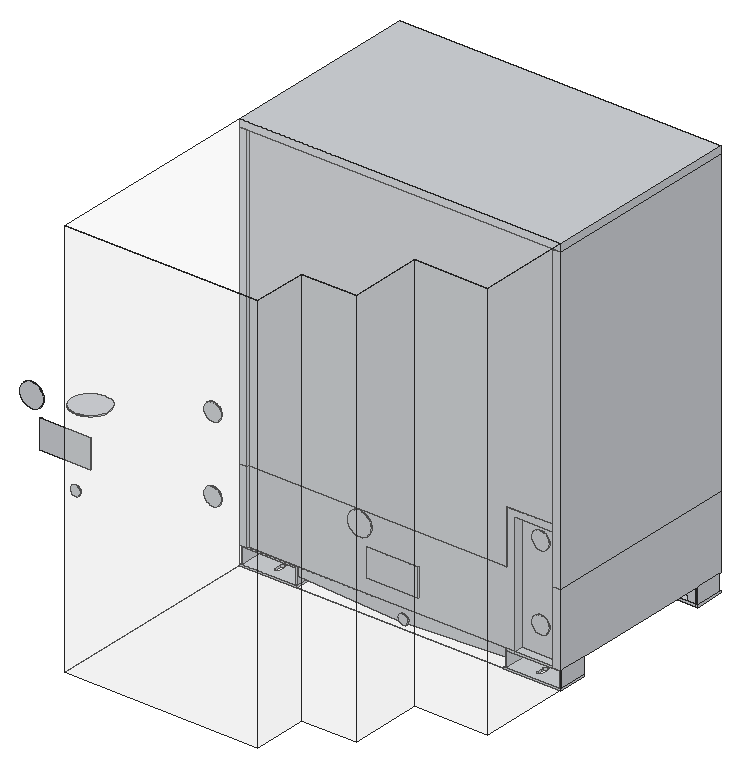
Revit family "pqry-p224_1000(s)dmg9_50Hz", category 機械設備, Revit 2019 (continued)
Definition of nested family "outline_w"
  Lines and regions (mm)
    model lines, not visible, detail levels fine
      curve 13: line (460, -150.779, 1289.179) -> (460, -95.75, 1289.179)
      curve 14: line (460, -150.779, 1056.056) -> (460, -150.779, 1289.179)
      curve 15: line (460, -95.75, 1056.056) -> (460, -150.779, 1056.056)
      curve 16: line (460, -95.75, 1289.179) -> (460, -95.75, 1056.056)
      curve 17: line (460, -150.779, 1283.175) -> (460, -132.596, 1283.175)
      curve 18: line (460, -150.779, 1062.059) -> (460, -150.779, 1283.175)
      curve 19: line (460, -132.596, 1062.059) -> (460, -150.779, 1062.059)
      curve 20: line (460, -132.596, 1283.175) -> (460, -132.596, 1062.059)
      curve 21: line (460, 178.667, 1046.051) -> (460, 297.73, 1046.051)
      curve 22: line (460, 178.667, 812.928) -> (460, 178.667, 1046.051)
      curve 23: line (460, 297.73, 812.928) -> (460, 178.667, 812.928)
      curve 24: line (460, 297.73, 1046.051) -> (460, 297.73, 812.928)
      curve 25: line (460, 47.598, 1046.051) -> (460, 166.661, 1046.051)
      curve 26: line (460, 47.598, 812.928) -> (460, 47.598, 1046.051)
      curve 27: line (460, 166.661, 812.928) -> (460, 47.598, 812.928)
      curve 28: line (460, 166.661, 1046.051) -> (460, 166.661, 812.928)
      curve 29: line (460, -83.471, 1046.051) -> (460, 35.592, 1046.051)
      curve 30: line (460, -83.471, 812.928) -> (460, -83.471, 1046.051)
      curve 31: line (460, 35.592, 812.928) -> (460, -83.471, 812.928)
      curve 32: line (460, 35.592, 1046.051) -> (460, 35.592, 812.928)
      curve 33: line (460, -150.779, 1046.051) -> (460, -95.75, 1046.051)
      curve 34: line (460, -150.779, 812.928) -> (460, -150.779, 1046.051)
      curve 35: line (460, -95.75, 812.928) -> (460, -150.779, 812.928)
      curve 36: line (460, -95.75, 1046.051) -> (460, -95.75, 812.928)
      curve 37: line (460, -150.779, 1040.048) -> (460, -132.596, 1040.048)
      curve 38: line (460, -150.779, 818.931) -> (460, -150.779, 1040.048)
      curve 39: line (460, -132.596, 818.931) -> (460, -150.779, 818.931)
      curve 40: line (460, -132.596, 1040.048) -> (460, -132.596, 818.931)
      curve 41: line (460, 178.667, 802.923) -> (460, 297.73, 802.923)
      curve 42: line (460, 178.667, 569.8) -> (460, 178.667, 802.923)
      curve 43: line (460, 297.73, 569.8) -> (460, 178.667, 569.8)
      curve 44: line (460, 297.73, 802.923) -> (460, 297.73, 569.8)
      curve 45: line (460, 47.598, 802.923) -> (460, 166.661, 802.923)
      curve 46: line (460, 47.598, 569.8) -> (460, 47.598, 802.923)
      curve 47: line (460, 166.661, 569.8) -> (460, 47.598, 569.8)
      curve 48: line (460, 166.661, 802.923) -> (460, 166.661, 569.8)
      curve 49: line (460, -83.471, 802.923) -> (460, 35.592, 802.923)
      curve 50: line (460, -83.471, 569.8) -> (460, -83.471, 802.923)
      curve 51: line (460, 35.592, 569.8) -> (460, -83.471, 569.8)
      curve 52: line (460, 35.592, 802.923) -> (460, 35.592, 569.8)
      curve 53: line (460, -150.779, 802.923) -> (460, -95.75, 802.923)
      curve 54: line (460, -150.779, 569.8) -> (460, -150.779, 802.923)
      curve 55: line (460, -95.75, 569.8) -> (460, -150.779, 569.8)
      curve 56: line (460, -95.75, 802.923) -> (460, -95.75, 569.8)
      curve 57: line (460, -150.779, 796.92) -> (460, -132.596, 796.92)
      curve 58: line (460, -150.779, 575.803) -> (460, -150.779, 796.92)
      curve 59: line (460, -132.596, 575.803) -> (460, -150.779, 575.803)
      curve 60: line (460, -132.596, 796.92) -> (460, -132.596, 575.803)
      curve 61: line (460, 178.667, 559.795) -> (460, 297.73, 559.795)
      curve 62: line (460, 178.667, 326.672) -> (460, 178.667, 559.795)
      curve 63: line (460, 297.73, 326.672) -> (460, 178.667, 326.672)
      curve 64: line (460, 297.73, 559.795) -> (460, 297.73, 326.672)
      curve 65: line (460, 47.598, 559.795) -> (460, 166.661, 559.795)
      curve 66: line (460, 47.598, 326.672) -> (460, 47.598, 559.795)
      curve 67: line (460, 166.661, 326.672) -> (460, 47.598, 326.672)
      curve 68: line (460, 166.661, 559.795) -> (460, 166.661, 326.672)
      curve 69: line (460, -83.471, 559.795) -> (460, 35.592, 559.795)
      curve 70: line (460, -83.471, 326.672) -> (460, -83.471, 559.795)
      curve 71: line (460, 35.592, 326.672) -> (460, -83.471, 326.672)
      curve 72: line (460, 35.592, 559.795) -> (460, 35.592, 326.672)
      curve 73: line (460, -150.779, 559.795) -> (460, -95.75, 559.795)
      curve 74: line (460, -150.779, 326.672) -> (460, -150.779, 559.795)
      curve 75: line (460, -95.75, 326.672) -> (460, -150.779, 326.672)
      curve 76: line (460, -95.75, 559.795) -> (460, -95.75, 326.672)
      curve 77: line (460, -150.779, 553.792) -> (460, -132.596, 553.792)
      curve 78: line (460, -150.779, 332.675) -> (460, -150.779, 553.792)
      curve 79: line (460, -132.596, 332.675) -> (460, -150.779, 332.675)
      curve 80: line (460, -132.596, 553.792) -> (460, -132.596, 332.675)
      curve 81: line (460, 178.667, 316.667) -> (460, 297.73, 316.667)
      curve 82: line (460, 178.667, 83.544) -> (460, 178.667, 316.667)
      curve 83: line (460, 297.73, 83.544) -> (460, 178.667, 83.544)
      curve 84: line (460, 297.73, 316.667) -> (460, 297.73, 83.544)
      curve 85: line (460, 47.598, 316.667) -> (460, 166.661, 316.667)
      curve 86: line (460, 47.598, 83.544) -> (460, 47.598, 316.667)
      curve 87: line (460, 166.661, 83.544) -> (460, 47.598, 83.544)
      curve 88: line (460, 166.661, 316.667) -> (460, 166.661, 83.544)
      curve 89: line (460, -83.471, 316.667) -> (460, 35.592, 316.667)
      curve 90: line (460, -83.471, 83.544) -> (460, -83.471, 316.667)
      curve 91: line (460, 35.592, 83.544) -> (460, -83.471, 83.544)
      curve 92: line (460, 35.592, 316.667) -> (460, 35.592, 83.544)
      curve 93: line (460, -150.779, 316.667) -> (460, -95.75, 316.667)
      curve 94: line (460, -150.779, 83.544) -> (460, -150.779, 316.667)
      curve 95: line (460, -95.75, 83.544) -> (460, -150.779, 83.544)
      curve 96: line (460, -95.75, 316.667) -> (460, -95.75, 83.544)
      curve 97: line (460, -150.779, 310.664) -> (460, -132.596, 310.664)
      curve 98: line (460, -150.779, 89.547) -> (460, -150.779, 310.664)
      curve 99: line (460, -132.596, 89.547) -> (460, -150.779, 89.547)
      curve 100: line (460, -132.596, 310.664) -> (460, -132.596, 89.547)
  Dimensions and locks
    "Depth": plane 4 to plane 5
    equal spacing: plane 4, plane 1 "中心(正面/背面)", plane 5
    "W": plane 6 to plane 14
    locked: plane 9 "本体下部" to plane 2 at 54
    plane 4 to plane 10 = 740.00 mm
    plane 11 "電源高さ" to level = 262.00 mm
    plane 8 to plane 7 = 303.00 mm
    plane 7 to plane 2 = 797.00 mm
    "Height": plane 8 to plane 2
    level to plane 12 "冷媒管高さ" = 262.00 mm
    locked: plane 9 "本体下部" to plane 13 "冷媒操作弁ガス芯4" at 1
    equal spacing: plane 6, plane 3 "中心(左/右)", plane 14
    plane 17 to level = 262.00 mm
  Automatic sketch dimensions
    plane 4 to Extrusion 1 sketch curve = 0.00 mm
    Extrusion 1 sketch curve to plane 6 = 0.00 mm
    Extrusion 1 sketch curve to plane 14 = 0.00 mm
    plane 5 to Extrusion 1 sketch curve = 0.00 mm
Types (20, lengths in mm): name | 音響パワーレベル(dB) | 電動機出力_圧縮機 | 運転質量 | 製品質量 | 熱源水量 | 消費電力_暖房 | 消費電力_冷房 | 消費電力 | 水熱交換機器　保有水量 | 最小電線太さ_mm2 | 最大電流値 | 暖房能力 | 損失水頭_熱源水一次側 | 推奨ブレーカー容量 | 冷媒液管径 | 冷媒ガス管径 | ユニット2 | 冷房能力 | 冷媒管径符号 | ユニット数 | ユニット2電源幅 | ユニット2ダクト左位置 | ユニット2水配管出口高さ | ユニット2水配管出口幅 | ユニット2水配管入口高さ | ユニット2水配管入口幅 | ユニット2冷媒高圧径 | ユニット2冷媒管高さ | ユニット2冷媒管幅 | ユニット2冷媒管奥行き | ユニット2冷媒低圧径 | ユニット2ドレン幅 | ユニット2表示 | ユニット1 | ユニット1電源幅 | ユニット1ダクト左位置 | ユニット1水配管出口高さ | ユニット1水配管出口幅 | ユニット1水配管入口高さ | ユニット1水配管入口幅 | ユニット1冷媒高圧径 | ユニット1冷媒管高さ | ユニット1冷媒管幅 | ユニット1冷媒管奥行き | ユニット1冷媒低圧径 | ユニット1ドレン幅 | モデル | URL | OUTLINE_2 | OUTLINE_1 | Height
  PQRY-P224DMG9 | 67 | 5.1 kW | 178.00 kg | 173.00 kg | 5.76 m³/h | 3.57 kW | 4.05 kW | 4.05 kW | 4.6 | 5.5 | 20 A | 25 kW | 24000.0 Pa | 30 A | 15.88 | 19.05 | PQRY-P-DMG① : PQRY-P224DMG9 | 22.4 kW | "De" | 1 | 555.00 | 394.00 | 208.00 | 77.00 | 124.00 | 77.00 | 15.88 | 185.00 | 463.50 | 91.00 | 19.05 | 435.00 | no | PQRY-P-DMG① : PQRY-P224DMG9 | 555.00 | 394.00 | 208.00 | 77.00 | 124.00 | 77.00 | 15.88 | 185.00 | 463.50 | 91.00 | 19.05 | 435.00 | "PQRY-P224DMG9" | "https://www.mitsubishielectric.co.jp/ldg/wink/qr/002/331987/" | outline_w : outline_s | outline_w : outline_s | 1100.00
  PQRY-P280DMG9 | 68.5 | 7.1 kW | 178.00 kg | 173.00 kg | 5.76 m³/h | 5.43 kW | 6.46 kW | 6.46 kW | 4.6 | 8 | 31.9 A | 31.5 kW | 24000.0 Pa | 40 A | 19.05 | 22.20 | PQRY-P-DMG① : PQRY-P280DMG9 | 28 kW | "Ef" | 1 | 555.00 | 394.00 | 208.00 | 77.00 | 124.00 | 77.00 | 19.05 | 185.00 | 463.50 | 91.00 | 22.20 | 435.00 | no | PQRY-P-DMG① : PQRY-P280DMG9 | 555.00 | 394.00 | 208.00 | 77.00 | 124.00 | 77.00 | 19.05 | 185.00 | 463.50 | 91.00 | 22.20 | 435.00 | "PQRY-P280DMG9" | "https://www.mitsubishielectric.co.jp/ldg/wink/qr/002/331988/" | outline_w : outline_s | outline_w : outline_s | 1100.00
  PQRY-P335DMG9 | 72.5 | 7.9 kW | 178.00 kg | 173.00 kg | 5.76 m³/h | 6.42 kW | 7.59 kW | 7.59 kW | 4.6 | 14 | 37.5 A | 37.5 kW | 24000.0 Pa | 40 A | 19.05 | 22.20 | PQRY-P-DMG① : PQRY-P335DMG9 | 33.5 kW | "Ef" | 1 | 555.00 | 394.00 | 208.00 | 77.00 | 124.00 | 77.00 | 19.05 | 185.00 | 463.50 | 91.00 | 22.20 | 435.00 | no | PQRY-P-DMG① : PQRY-P335DMG9 | 555.00 | 394.00 | 208.00 | 77.00 | 124.00 | 77.00 | 19.05 | 185.00 | 463.50 | 91.00 | 22.20 | 435.00 | "PQRY-P335DMG9" | "https://www.mitsubishielectric.co.jp/ldg/wink/qr/002/331989/" | outline_w : outline_s | outline_w : outline_s | 1100.00
  PQRY-P400DMG9 | 71 | 9.5 kW | 255.00 kg | 250.00 kg | 11.52 m³/h | 6.97 kW | 8.65 kW | 8.65 kW | 9.2 | 14 | 42.7 A | 45 kW | 45000.0 Pa | 50 A | 19.05 | 25.40 | PQRY-P-DMG② : PQRY-P400DMG9 | 40 kW | "Eｇ" | 1 | 554.00 | 393.00 | 320.00 | 82.00 | 367.00 | 82.00 | 19.05 | 278.00 | 467.50 | 84.00 | 25.40 | 434.00 | no | PQRY-P-DMG② : PQRY-P400DMG9 | 554.00 | 393.00 | 320.00 | 82.00 | 367.00 | 82.00 | 19.05 | 278.00 | 467.50 | 84.00 | 25.40 | 434.00 | "PQRY-P400DMG9" | "https://www.mitsubishielectric.co.jp/ldg/wink/qr/002/331990/" | outline_w : outline_L | outline_w : outline_L | 1450.00
  PQRY-P450DMG9 | 71 | 10.2 kW | 255.00 kg | 250.00 kg | 11.52 m³/h | 7.05 kW | 9.37 kW | 9.37 kW | 9.2 | 14 | 46.3 A | 50 kW | 45000.0 Pa | 50 A | 22.20 | 28.58 | PQRY-P-DMG② : PQRY-P450DMG9 | 45 kW | "Fh" | 1 | 554.00 | 393.00 | 320.00 | 82.00 | 367.00 | 82.00 | 22.20 | 278.00 | 467.50 | 84.00 | 28.58 | 434.00 | no | PQRY-P-DMG② : PQRY-P450DMG9 | 554.00 | 393.00 | 320.00 | 82.00 | 367.00 | 82.00 | 22.20 | 278.00 | 467.50 | 84.00 | 28.58 | 434.00 | "PQRY-P450DMG9" | "https://www.mitsubishielectric.co.jp/ldg/wink/qr/002/331991/" | outline_w : outline_L | outline_w : outline_L | 1450.00
  PQRY-P500DMG9 | 71.5 | 12.3 kW | 255.00 kg | 250.00 kg | 11.52 m³/h | 8.73 kW | 11.9 kW | 11.9 kW | 9.2 | 22 | 58.8 A | 56 kW | 45000.0 Pa | 75 A | 22.20 | 28.58 | PQRY-P-DMG② : PQRY-P500DMG9 | 50 kW | "Fh" | 1 | 554.00 | 393.00 | 320.00 | 82.00 | 367.00 | 82.00 | 22.20 | 278.00 | 467.50 | 84.00 | 28.58 | 434.00 | no | PQRY-P-DMG② : PQRY-P500DMG9 | 554.00 | 393.00 | 320.00 | 82.00 | 367.00 | 82.00 | 22.20 | 278.00 | 467.50 | 84.00 | 28.58 | 434.00 | "PQRY-P500DMG9" | "https://www.mitsubishielectric.co.jp/ldg/wink/qr/002/331992/" | outline_w : outline_L | outline_w : outline_L | 1450.00
  PQRY-P560DMG9 | 72 | 13.3 kW | 255.00 kg | 250.00 kg | 11.52 m³/h | 9.93 kW | 13.9 kW | 13.9 kW | 9.2 | 22 | 64.7 A | 63 kW | 45000.0 Pa | 75 A | 22.20 | 28.58 | PQRY-P-DMG② : PQRY-P560DMG9 | 56 kW | "Fh" | 1 | 554.00 | 393.00 | 320.00 | 82.00 | 367.00 | 82.00 | 22.20 | 278.00 | 467.50 | 84.00 | 28.58 | 434.00 | no | PQRY-P-DMG② : PQRY-P560DMG9 | 554.00 | 393.00 | 320.00 | 82.00 | 367.00 | 82.00 | 22.20 | 278.00 | 467.50 | 84.00 | 28.58 | 434.00 | "PQRY-P560DMG9" | "https://www.mitsubishielectric.co.jp/ldg/wink/qr/002/331993/" | outline_w : outline_L | outline_w : outline_L | 1450.00
  PQRY-P630DMG9 | 73 | 16 kW | 255.00 kg | 250.00 kg | 11.52 m³/h | 11.8 kW | 16.6 kW | 16.6 kW | 9.2 | 22 | 64.7 A | 69 kW | 45000.0 Pa | 75 A | 25.40 | 28.58 | PQRY-P-DMG② : PQRY-P630DMG9 | 63 kW | "Gh" | 1 | 554.00 | 393.00 | 320.00 | 82.00 | 367.00 | 82.00 | 25.40 | 278.00 | 467.50 | 84.00 | 28.58 | 434.00 | no | PQRY-P-DMG② : PQRY-P630DMG9 | 554.00 | 393.00 | 320.00 | 82.00 | 367.00 | 82.00 | 25.40 | 278.00 | 467.50 | 84.00 | 28.58 | 434.00 | "PQRY-P630DMG9" | "https://www.mitsubishielectric.co.jp/ldg/wink/qr/002/331994/" | outline_w : outline_L | outline_w : outline_L | 1450.00
  PQRY-P670DMG9 | 73.5 | 16.1 kW | 255.00 kg | 250.00 kg | 11.52 m³/h | 13.7 kW | 18.1 kW | 18.1 kW | 9.2 | 22 | 64.7 A | 77.5 kW | 45000.0 Pa | 75 A | 25.40 | 31.75 | PQRY-P-DMG② : PQRY-P670DMG9 | 67 kW | "Gi" | 1 | 554.00 | 393.00 | 320.00 | 82.00 | 367.00 | 82.00 | 25.40 | 278.00 | 467.50 | 84.00 | 31.75 | 434.00 | no | PQRY-P-DMG② : PQRY-P670DMG9 | 554.00 | 393.00 | 320.00 | 82.00 | 367.00 | 82.00 | 25.40 | 278.00 | 467.50 | 84.00 | 31.75 | 434.00 | "PQRY-P670DMG9" | "https://www.mitsubishielectric.co.jp/ldg/wink/qr/002/331995/" | outline_w : outline_L | outline_w : outline_L | 1450.00
  PQRY-P450SDMG9 | 70 | 10.2 kW | 356.00 kg | 346.00 kg | 11.52 m³/h | 6.72 kW | 8.45 kW | 8.45 kW | 9.2 | 14 | 41.7 A | 50 kW | 24000.0 Pa | 50 A | 22.20 | 28.58 | PQRY-P-DMG① : PQRY-P224DMG9 | 45 kW | "Fh" | 2 | 555.00 | 394.00 | 208.00 | 77.00 | 124.00 | 77.00 | 15.88 | 185.00 | 463.50 | 91.00 | 19.05 | 435.00 | yes | PQRY-P-DMG① : PQRY-P224DMG9 | 555.00 | 394.00 | 208.00 | 77.00 | 124.00 | 77.00 | 15.88 | 185.00 | 463.50 | 91.00 | 19.05 | 435.00 | "PQRY-P450SDMG9" | "https://www.mitsubishielectric.co.jp/ldg/wink/qr/002/331996/" | outline_w : outline_s | outline_w : outline_s | 1100.00
  PQRY-P500SDMG9 | 71 | 12.2 kW | 356.00 kg | 346.00 kg | 11.52 m³/h | 8.32 kW | 10.5 kW | 10.5 kW | 9.2 | 22 | 51.9 A | 56 kW | 24000.0 Pa | 60 A | 22.20 | 28.58 | PQRY-P-DMG① : PQRY-P224DMG9 | 50 kW | "Fh" | 2 | 555.00 | 394.00 | 208.00 | 77.00 | 124.00 | 77.00 | 15.88 | 185.00 | 463.50 | 91.00 | 19.05 | 435.00 | yes | PQRY-P-DMG① : PQRY-P280DMG9 | 555.00 | 394.00 | 208.00 | 77.00 | 124.00 | 77.00 | 19.05 | 185.00 | 463.50 | 91.00 | 22.20 | 435.00 | "PQRY-P500SDMG9" | "https://www.mitsubishielectric.co.jp/ldg/wink/qr/002/331997/" | outline_w : outline_s | outline_w : outline_s | 1100.00
  PQRY-P560SDMG9 | 71.5 | 14.2 kW | 356.00 kg | 346.00 kg | 11.52 m³/h | 9.47 kW | 12.6 kW | 12.6 kW | 9.2 | 22 | 59 A | 63 kW | 24000.0 Pa | 60 A | 22.20 | 28.58 | PQRY-P-DMG① : PQRY-P280DMG9 | 56 kW | "Fh" | 2 | 555.00 | 394.00 | 208.00 | 77.00 | 124.00 | 77.00 | 19.05 | 185.00 | 463.50 | 91.00 | 22.20 | 435.00 | yes | PQRY-P-DMG① : PQRY-P280DMG9 | 555.00 | 394.00 | 208.00 | 77.00 | 124.00 | 77.00 | 19.05 | 185.00 | 463.50 | 91.00 | 22.20 | 435.00 | "PQRY-P560SDMG9" | "https://www.mitsubishielectric.co.jp/ldg/wink/qr/002/331998/" | outline_w : outline_s | outline_w : outline_s | 1100.00
  PQRY-P630SDMG9 | 74 | 15 kW | 356.00 kg | 346.00 kg | 11.52 m³/h | 11.4 kW | 14.4 kW | 14.4 kW | 9.2 | 38 | 71.1 A | 69 kW | 24000.0 Pa | 75 A | 25.40 | 28.58 | PQRY-P-DMG① : PQRY-P280DMG9 | 63 kW | "Gh" | 2 | 555.00 | 394.00 | 208.00 | 77.00 | 124.00 | 77.00 | 19.05 | 185.00 | 463.50 | 91.00 | 22.20 | 435.00 | yes | PQRY-P-DMG① : PQRY-P335DMG9 | 555.00 | 394.00 | 208.00 | 77.00 | 124.00 | 77.00 | 19.05 | 185.00 | 463.50 | 91.00 | 22.20 | 435.00 | "PQRY-P630SDMG9" | "https://www.mitsubishielectric.co.jp/ldg/wink/qr/002/331999/" | outline_w : outline_s | outline_w : outline_s | 1100.00
  PQRY-P670SDMG9 | 75.5 | 15.8 kW | 356.00 kg | 346.00 kg | 11.52 m³/h | 13.2 kW | 15.2 kW | 15.2 kW | 9.2 | 38 | 75.1 A | 77.5 kW | 24000.0 Pa | 100 A | 25.40 | 31.75 | PQRY-P-DMG① : PQRY-P335DMG9 | 67 kW | "Gi" | 2 | 555.00 | 394.00 | 208.00 | 77.00 | 124.00 | 77.00 | 19.05 | 185.00 | 463.50 | 91.00 | 22.20 | 435.00 | yes | PQRY-P-DMG① : PQRY-P335DMG9 | 555.00 | 394.00 | 208.00 | 77.00 | 124.00 | 77.00 | 19.05 | 185.00 | 463.50 | 91.00 | 22.20 | 435.00 | "PQRY-P670SDMG9" | "https://www.mitsubishielectric.co.jp/ldg/wink/qr/002/332000/" | outline_w : outline_s | outline_w : outline_s | 1100.00
  PQRY-P730SDMG9 | 70.5 | 18 kW | 510.00 kg | 500.00 kg | 23.04 m³/h | 13.2 kW | 16 kW | 16 kW | 18.4 | 38 | 79 A | 82.5 kW | 90000.0 Pa | 100 A | 25.40 | 31.75 | PQRY-P-DMG② : PQRY-P355KDMG9 | 73 kW | "Gi" | 2 | 554.00 | 393.00 | 320.00 | 82.00 | 367.00 | 82.00 | 19.05 | 278.00 | 467.50 | 84.00 | 25.40 | 434.00 | yes | PQRY-P-DMG② : PQRY-P355KDMG9 | 554.00 | 393.00 | 320.00 | 82.00 | 367.00 | 82.00 | 19.05 | 278.00 | 467.50 | 84.00 | 25.40 | 434.00 | "PQRY-P730SDMG9" | "https://www.mitsubishielectric.co.jp/ldg/wink/qr/002/332001/" | outline_w : outline_L | outline_w : outline_L | 1450.00
  PQRY-P775SDMG9 | 74 | 19 kW | 510.00 kg | 500.00 kg | 23.04 m³/h | 14.1 kW | 17.3 kW | 17.3 kW | 18.4 | 60 | 85.5 A | 90 kW | 90000.0 Pa | 100 A | 28.58 | 31.75 | PQRY-P-DMG② : PQRY-P400DMG9 | 77.5 kW | "Hi" | 2 | 554.00 | 393.00 | 320.00 | 82.00 | 367.00 | 82.00 | 19.05 | 278.00 | 467.50 | 84.00 | 25.40 | 434.00 | yes | PQRY-P-DMG② : PQRY-P400DMG9 | 554.00 | 393.00 | 320.00 | 82.00 | 367.00 | 82.00 | 19.05 | 278.00 | 467.50 | 84.00 | 25.40 | 434.00 | "PQRY-P775SDMG9" | "https://www.mitsubishielectric.co.jp/ldg/wink/qr/002/332002/" | outline_w : outline_L | outline_w : outline_L | 1450.00
  PQRY-P850SDMG9 | 74 | 19.7 kW | 510.00 kg | 500.00 kg | 23.04 m³/h | 14.2 kW | 19.1 kW | 19.1 kW | 18.4 | 60 | 94.4 A | 95 kW | 90000.0 Pa | 100 A | 28.58 | 31.75 | PQRY-P-DMG② : PQRY-P400DMG9 | 85 kW | "Hi" | 2 | 554.00 | 393.00 | 320.00 | 82.00 | 367.00 | 82.00 | 19.05 | 278.00 | 467.50 | 84.00 | 25.40 | 434.00 | yes | PQRY-P-DMG② : PQRY-P450DMG9 | 554.00 | 393.00 | 320.00 | 82.00 | 367.00 | 82.00 | 22.20 | 278.00 | 467.50 | 84.00 | 28.58 | 434.00 | "PQRY-P850SDMG9" | "https://www.mitsubishielectric.co.jp/ldg/wink/qr/002/332003/" | outline_w : outline_L | outline_w : outline_L | 1450.00
  PQRY-P900SDMG9 | 74 | 20.4 kW | 510.00 kg | 500.00 kg | 23.04 m³/h | 14.7 kW | 20.3 kW | 20.3 kW | 18.4 | 60 | 100.3 A | 100 kW | 90000.0 Pa | 125 A | 28.58 | 31.75 | PQRY-P-DMG② : PQRY-P450DMG9 | 90 kW | "Hi" | 2 | 554.00 | 393.00 | 320.00 | 82.00 | 367.00 | 82.00 | 22.20 | 278.00 | 467.50 | 84.00 | 28.58 | 434.00 | yes | PQRY-P-DMG② : PQRY-P450DMG9 | 554.00 | 393.00 | 320.00 | 82.00 | 367.00 | 82.00 | 22.20 | 278.00 | 467.50 | 84.00 | 28.58 | 434.00 | "PQRY-P900SDMG9" | "https://www.mitsubishielectric.co.jp/ldg/wink/qr/002/332004/" | outline_w : outline_L | outline_w : outline_L | 1450.00
  PQRY-P950SDMG9 | 74.5 | 22.5 kW | 510.00 kg | 500.00 kg | 23.04 m³/h | 15.9 kW | 22.7 kW | 22.7 kW | 18.4 | 100 | 112.1 A | 106 kW | 90000.0 Pa | 125 A | 28.58 | 38.10 | PQRY-P-DMG② : PQRY-P450DMG9 | 95 kW | "Hk" | 2 | 554.00 | 393.00 | 320.00 | 82.00 | 367.00 | 82.00 | 22.20 | 278.00 | 467.50 | 84.00 | 28.58 | 434.00 | yes | PQRY-P-DMG② : PQRY-P500DMG9 | 554.00 | 393.00 | 320.00 | 82.00 | 367.00 | 82.00 | 22.20 | 278.00 | 467.50 | 84.00 | 28.58 | 434.00 | "PQRY-P950SDMG9" | "https://www.mitsubishielectric.co.jp/ldg/wink/qr/002/332092/" | outline_w : outline_L | outline_w : outline_L | 1450.00
  PQRY-P1000SDMG9 | 74.5 | 24.6 kW | 510.00 kg | 500.00 kg | 23.04 m³/h | 17.5 kW | 24.6 kW | 24.6 kW | 18.4 | 100 | 121.5 A | 112 kW | 90000.0 Pa | 150 A | 28.58 | 38.10 | PQRY-P-DMG② : PQRY-P500DMG9 | 100 kW | "Hk" | 2 | 554.00 | 393.00 | 320.00 | 82.00 | 367.00 | 82.00 | 22.20 | 278.00 | 467.50 | 84.00 | 28.58 | 434.00 | yes | PQRY-P-DMG② : PQRY-P500DMG9 | 554.00 | 393.00 | 320.00 | 82.00 | 367.00 | 82.00 | 22.20 | 278.00 | 467.50 | 84.00 | 28.58 | 434.00 | "PQRY-P1000SDMG9" | "https://www.mitsubishielectric.co.jp/ldg/wink/qr/002/332006/" | outline_w : outline_L | outline_w : outline_L | 1450.00
